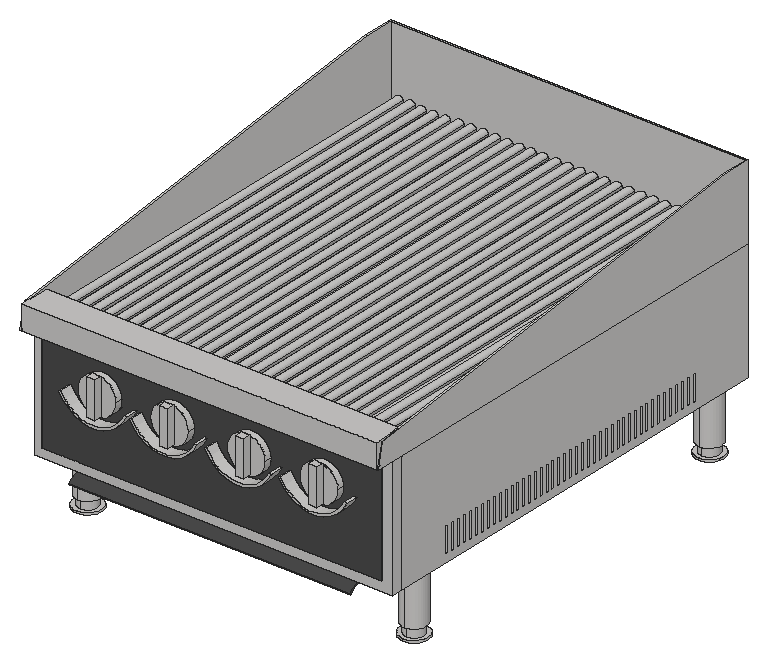
Revit family "QF_Vollrath_924CG", category Specialty Equipment, Revit 2016
Family settings
  Part Type = Normal
  Round Connector Dimension = Use Diameter
  OmniClass Number = 23.40.40.14.17.21
  OmniClass Title = Grills
  Work Plane-Based = No
  Always vertical = Yes
  Cut with Voids When Loaded = No
  Shared = No
  Room Calculation Point = No
Parameters (values of type "924CG")
  Width = 24.00"
  Weight in Pounds = 260
  Watermarked By = "http://revitwatermark.com"
  URL Cutsheet = ""
  URL = ""
  Status [instance] = ""
  Specification by User [instance] = ""
  Specification by Manufacturer [instance] = ""
  Serial Number [instance] = ""
  Seismic Rating [instance] = ""
  Revision Code [instance] = ""
  NAFEM Spec ID Number [instance] = ""
  Model = "924CG"
  Mechanical Remarks [instance] = ""
  Mechanical Connection Type [instance] = ""
  Masterspec [instance] = ""
  Manufacturer = "Vollrath"
  Length = 31.00"
  Item Number [instance] = "-"
  Installed By [instance] = ""
  Height AFF [instance] = 36.00"
  Gas Size = 3/4"
  Gas RI Height [instance] = 0.00"
  Gas Input = 80000.0 Btu/h
  Gas Connection Height [instance] = Height AFF + 5.375"  # 41.375"
  Furnished By [instance] = ""
  Foodservice Equipment Identifier [instance] = yes
  Description = "Heavy Duty Charbroiler"
  CSI MasterFormat = "11 44 00"
  Assembly Code = "E1090320"
Reference planes (in)
  plane 1: z = 0
  plane 2 "BOTTOM": z = 36
  plane 3 "LEFT CLEARANCE": x = -30.72076
  plane 4 "RIGHT CLEARANCE": x = 5.27924
  plane 5 "BACK CLEARANCE": y = 6
  plane 6 "FRONT": y = -31
  plane 7 "Top of Legs": z = 40
  plane 8 "LEFT": x = -24.72076
  plane 9 "RIGHT": x = -0.72076
  plane 10 "BACK": y = 0
  plane 11: z = 39.75
  plane 12: z = 39.5
  plane 13: x = -22.40972
  plane 14: x = -18.72076
  plane 15: x = -15.03179
  plane 16: z = 41.5
  plane 17: x = -12.72076
  plane 18: y = -0.125
  plane 19: x = -24.59576
  plane 20: z = 48.06
  plane 21: x = -12.72076
  plane 22 "TOP": z = 53.06
  plane 23: y = -53.12109
  plane 24: x = -3.03179
  plane 25: z = 37.04079
  plane 26: y = 1.5
Forms (in)
  Extrusion 1, solid, material "QF_Finishes_Stainless Steel"
    sketch origin (0, 0, 36) x (0, 1, 0) y (-1, 0, 0)
      loop
        circle (-2, 23.59576) r 0.9375
    from 0 to 0.125
  Extrusion 2, solid, material "QF_Finishes_Stainless Steel"
    sketch origin (0, 0, 36) x (0, 1, 0) y (-1, 0, 0)
      loop
        circle (-2, 23.59576) r 0.625
    from 0.125 to 0.75
  Extrusion 3, solid, material "QF_Finishes_Stainless Steel"
    sketch origin (0, 0, 36) x (0, 1, 0) y (-1, 0, 0)
      loop
        circle (-2, 23.59576) r 0.8125
    from 0.75 to 4
  Extrusion 4, solid, material "QF_Finishes_Stainless Steel"
    sketch origin (33.375, 0, 36) x (0, 1, 0) y (-1, 0, 0)
      loop
        circle (-2, 35.09576) r 0.9375
    from 0 to 0.125
  Extrusion 5, solid, material "QF_Finishes_Stainless Steel"
    sketch origin (33.375, 0, 36) x (0, 1, 0) y (-1, 0, 0)
      loop
        circle (-2, 35.09576) r 0.625
    from 0.125 to 0.75
  Extrusion 6, solid, material "QF_Finishes_Stainless Steel"
    sketch origin (33.375, 0, 36) x (0, 1, 0) y (-1, 0, 0)
      loop
        circle (-2, 35.09576) r 0.8125
    from 0.75 to 4
  Extrusion 7, solid, material "QF_Finishes_Stainless Steel"
    sketch origin (33.375, -25.75, 36) x (0, 1, 0) y (-1, 0, 0)
      loop
        circle (-1, 35.09576) r 0.9375
    from 0 to 0.125
  Extrusion 8, solid, material "QF_Finishes_Stainless Steel"
    sketch origin (33.375, -25.75, 36) x (0, 1, 0) y (-1, 0, 0)
      loop
        circle (-1, 35.09576) r 0.625
    from 0.125 to 0.75
  Extrusion 9, solid, material "QF_Finishes_Stainless Steel"
    sketch origin (33.375, -25.75, 36) x (0, 1, 0) y (-1, 0, 0)
      loop
        circle (-1, 35.09576) r 0.8125
    from 0.75 to 4
  Extrusion 10, solid, material "QF_Finishes_Stainless Steel"
    sketch origin (0, -25.75, 36) x (0, 1, 0) y (-1, 0, 0)
      loop
        circle (-1, 23.59576) r 0.9375
    from 0 to 0.125
  Extrusion 11, solid, material "QF_Finishes_Stainless Steel"
    sketch origin (0, -25.75, 36) x (0, 1, 0) y (-1, 0, 0)
      loop
        circle (-1, 23.59576) r 0.625
    from 0.125 to 0.75
  Extrusion 12, solid, material "QF_Finishes_Stainless Steel"
    sketch origin (0, -25.75, 36) x (0, 1, 0) y (-1, 0, 0)
      loop
        circle (-1, 23.59576) r 0.8125
    from 0.75 to 4
  Extrusion 13, solid, material "QF_Finishes_Stainless Steel"
    sketch origin (0, 0, 36) x (0, 1, 0) y (-1, 0, 0)
      loop
        line (0, 24.72076) -> (-29.04599, 24.72076) -> (-29.04599, 0.72076) -> (0, 0.72076) -> (0, 24.72076)
    from 4 to 12.06
  Extrusion 14, solid, material "QF_Finishes_Black"
    sketch origin (0, 0, 0) x (1, 0, 0) y (0, 0, 1)
      loop
        line (-22.13107, 40) -> (-22.13107, 39.75) -> (-2.97076, 39.75) -> (-2.97076, 40) -> (-22.13107, 40)
    from 20.18353 to 29.04599
  Extrusion 15, solid, material "QF_Finishes_Black"
    sketch origin (0, 0, 0) x (1, 0, 0) y (0, 0, 1)
      loop
        line (-22.13107, 39.75) -> (-22.13107, 39.5) -> (-2.97076, 39.5) -> (-2.97076, 39.75) -> (-22.13107, 39.75)
    from 20.18353 to 29.04599
  Extrusion 16, solid, material "QF_Finishes_Black"
    sketch origin (-24.72076, 0, 0) x (0, 1, 0) y (0, 0, 1)
      loop
        line (-29.04599, 39.75) -> (-29.04599, 39.81748)
        arc (-29.04599, 39.81748) -> (-29.64263, 39.6735) -> (-30.1385, 39.31181) r 1.57025
        line (-30.1385, 39.31181) -> (-30.07487, 39.24818)
        arc (-30.07487, 39.24818) -> (-29.60779, 39.59619) -> (-29.04599, 39.75) r 1.57025
    from 2.58968 to 21.40049
  Extrusion 17, solid, material "QF_Finishes_Clearances", detail levels coarse
    sketch origin (0, 0, 36) x (0, 1, 0) y (-1, 0, 0)
      loop
        line (6, 30.72076) -> (-31, 30.72076) -> (-31, 24.72076) -> (6, 24.72076) -> (6, 30.72076)
    from 0 to 17.06
  Extrusion 18, solid, material "QF_Finishes_Clearances", detail levels coarse
    sketch origin (0, 0, 36) x (0, 1, 0) y (-1, 0, 0)
      loop
        line (6, 0.72076) -> (-31, 0.72076) -> (-31, -5.27924) -> (6, -5.27924) -> (6, 0.72076)
    from 0 to 17.06
  Extrusion 19, solid, material "QF_Finishes_Clearances", detail levels coarse
    sketch origin (0, 0, 36) x (0, 1, 0) y (-1, 0, 0)
      loop
        line (6, 24.72076) -> (0, 24.72076) -> (0, 0.72076) -> (6, 0.72076) -> (6, 24.72076)
    from 0 to 17.06
  Extrusion 20, solid, material "QF_Finishes_Stainless Steel"
    sketch origin (15.31103, 0, 0) x (1, 0, 0) y (0, 0, 1)
      loop
        circle (-21.53179, 41.5) r 0.375
    from -1.5 to 0
  Extrusion 21, solid, material "QF_Finishes_Stainless Steel"
    sketch origin (-36.59576, 0, 0) x (0, 1, 0) y (0, 0, 1)
      loop
        line (-30.61071, 49.60402) -> (-31.00644, 48.06) -> (0, 48.06) -> (0, 53.06) -> (-2.02013, 53.06) -> (-30.61071, 49.60402)
    from 11.875 to 12
  Extrusion 22, solid, material "QF_Finishes_Stainless Steel"
    sketch origin (-24.72076, 0, 0) x (0, 1, 0) y (0, 0, 1)
      loop
        line (-29.04599, 48.06) -> (-29.04599, 49.685) -> (-31, 49.685) -> (-31, 48.06) -> (-29.04599, 48.06)
    from 0.125 to 23.875
  Extrusion 23, solid, material "QF_Finishes_Stainless Steel"
    sketch origin (0, 0, 0) x (1, 0, 0) y (0, 0, 1)
      loop
        line (-24.72076, 48.06) -> (-24.72076, 40) -> (-0.72076, 40) -> (-0.72076, 48.06) -> (-24.72076, 48.06)
      loop
        line (-24.21829, 47.52818) -> (-24.21829, 40.59949) -> (-1.46829, 40.59949) -> (-1.46829, 47.52818) -> (-24.21829, 47.52818)
    from 29.04599 to 29.79599
  Extrusion 24, solid, material "QF_Finishes_Stainless Steel"
    sketch origin (-12.72076, 0, 0) x (0, 1, 0) y (0, 0, 1)
      loop
        line (-30.61026, 49.58067) -> (-31, 48.06) -> (0, 48.06) -> (0, 53.06) -> (-1.85356, 53.06) -> (-30.61026, 49.58067)
    from 11.875 to 12
  Extrusion 25, solid, material "QF_Finishes_Stainless Steel"
    sketch origin (-24.72076, 0, 0) x (0, 1, 0) y (0, 0, 1)
      loop
        line (-0.125, 53.06) -> (-0.125, 48.06) -> (0, 48.06) -> (0, 53.06) -> (-0.125, 53.06)
    from 0 to 24
  Extrusion 26, solid, material "QF_Finishes_Stainless Steel"
    sketch origin (0, 0, -20.49) x (1, 0, 0) y (0, 0, 1)
      loop
        circle (-24.02485, 69.05421) r 0.25
    from 0.125 to 29.04599
  Extrusion 27, solid, material "QF_Finishes_Stainless Steel"
    sketch origin (0.8089, 0, -20.49) x (1, 0, 0) y (0, 0, 1)
      loop
        circle (-24.02485, 69.05421) r 0.25
    from 0.125 to 29.04599
  Extrusion 28, solid, material "QF_Finishes_Stainless Steel"
    sketch origin (1.62977, 0, -20.49) x (1, 0, 0) y (0, 0, 1)
      loop
        circle (-24.02485, 69.05421) r 0.25
    from 0.24473 to 29.04599
  Extrusion 29, solid, material "QF_Finishes_Stainless Steel"
    sketch origin (2.43868, 0, -20.49) x (1, 0, 0) y (0, 0, 1)
      loop
        circle (-24.02485, 69.05421) r 0.25
    from 0.24473 to 29.04599
  Extrusion 30, solid, material "QF_Finishes_Stainless Steel"
    sketch origin (3.25954, 0, -20.49) x (1, 0, 0) y (0, 0, 1)
      loop
        circle (-24.02485, 69.05421) r 0.25
    from 0.24473 to 29.04599
  Extrusion 31, solid, material "QF_Finishes_Stainless Steel"
    sketch origin (4.06845, 0, -20.49) x (1, 0, 0) y (0, 0, 1)
      loop
        circle (-24.02485, 69.05421) r 0.25
    from 0.125 to 29.04599
  Extrusion 32, solid, material "QF_Finishes_Stainless Steel"
    sketch origin (4.88932, 0, -20.49) x (1, 0, 0) y (0, 0, 1)
      loop
        circle (-24.02485, 69.05421) r 0.25
    from 0.125 to 29.04599
  Extrusion 33, solid, material "QF_Finishes_Stainless Steel"
    sketch origin (5.69822, 0, -20.49) x (1, 0, 0) y (0, 0, 1)
      loop
        circle (-24.02485, 69.05421) r 0.25
    from 0.125 to 29.04599
  Extrusion 34, solid, material "QF_Finishes_Stainless Steel"
    sketch origin (6.51909, 0, -20.49) x (1, 0, 0) y (0, 0, 1)
      loop
        circle (-24.02485, 69.05421) r 0.25
    from 0.125 to 29.04599
  Extrusion 35, solid, material "QF_Finishes_Stainless Steel"
    sketch origin (7.32799, 0, -20.49) x (1, 0, 0) y (0, 0, 1)
      loop
        circle (-24.02485, 69.05421) r 0.25
    from 0 to 29.04599
  Extrusion 36, solid, material "QF_Finishes_Stainless Steel"
    sketch origin (8.14886, 0, -20.49) x (1, 0, 0) y (0, 0, 1)
      loop
        circle (-24.02485, 69.05421) r 0.25
    from 0 to 29.04599
  Extrusion 37, solid, material "QF_Finishes_Stainless Steel"
    sketch origin (15.40006, 0, -20.49) x (1, 0, 0) y (0, 0, 1)
      loop
        circle (-30.52485, 69.05421) r 0.25
    from 0 to 29.04599
  Extrusion 38, solid, material "QF_Finishes_Stainless Steel"
    sketch origin (16.22092, 0, -20.49) x (1, 0, 0) y (0, 0, 1)
      loop
        circle (-30.52485, 69.05421) r 0.25
    from 0 to 29.04599
  Extrusion 39, solid, material "QF_Finishes_Stainless Steel"
    sketch origin (17.09276, 0, -20.49) x (1, 0, 0) y (0, 0, 1)
      loop
        circle (-30.52485, 69.05421) r 0.25
    from 0 to 29.04599
  Extrusion 40, solid, material "QF_Finishes_Stainless Steel"
    sketch origin (17.91363, 0, -20.49) x (1, 0, 0) y (0, 0, 1)
      loop
        circle (-30.52485, 69.05421) r 0.25
    from 0 to 29.04599
  Extrusion 41, solid, material "QF_Finishes_Stainless Steel"
    sketch origin (18.72253, 0, -20.49) x (1, 0, 0) y (0, 0, 1)
      loop
        circle (-30.52485, 69.05421) r 0.25
    from 0 to 29.04599
  Extrusion 42, solid, material "QF_Finishes_Stainless Steel"
    sketch origin (19.5434, 0, -20.49) x (1, 0, 0) y (0, 0, 1)
      loop
        circle (-30.52485, 69.05421) r 0.25
    from 0 to 29.04599
  Extrusion 43, solid, material "QF_Finishes_Stainless Steel"
    sketch origin (20.3523, 0, -20.49) x (1, 0, 0) y (0, 0, 1)
      loop
        circle (-30.52485, 69.05421) r 0.25
    from 0 to 29.04599
  Extrusion 44, solid, material "QF_Finishes_Stainless Steel"
    sketch origin (21.17317, 0, -20.49) x (1, 0, 0) y (0, 0, 1)
      loop
        circle (-30.52485, 69.05421) r 0.25
    from 0 to 29.04599
  Extrusion 45, solid, material "QF_Finishes_Stainless Steel"
    sketch origin (21.98208, 0, -20.49) x (1, 0, 0) y (0, 0, 1)
      loop
        circle (-30.52485, 69.05421) r 0.25
    from 0 to 29.04599
  Extrusion 46, solid, material "QF_Finishes_Stainless Steel"
    sketch origin (22.80294, 0, -20.49) x (1, 0, 0) y (0, 0, 1)
      loop
        circle (-30.52485, 69.05421) r 0.25
    from 0 to 29.04599
  Extrusion 47, solid, material "QF_Finishes_Stainless Steel"
    sketch origin (23.61185, 0, -20.49) x (1, 0, 0) y (0, 0, 1)
      loop
        circle (-30.52485, 69.05421) r 0.25
    from 0 to 29.04599
  Extrusion 48, solid, material "QF_Finishes_Stainless Steel"
    sketch origin (24.43272, 0, -20.49) x (1, 0, 0) y (0, 0, 1)
      loop
        circle (-30.52485, 69.05421) r 0.25
    from 0 to 29.04599
  Extrusion 49, solid, material "QF_Finishes_Stainless Steel"
    sketch origin (25.24162, 0, -20.49) x (1, 0, 0) y (0, 0, 1)
      loop
        circle (-30.52485, 69.05421) r 0.25
    from 0 to 29.04599
  Extrusion 50, solid, material "QF_Finishes_Stainless Steel"
    sketch origin (26.06249, 0, -20.49) x (1, 0, 0) y (0, 0, 1)
      loop
        circle (-30.52485, 69.05421) r 0.25
    from 0 to 29.04599
  Extrusion 51, solid, material "QF_Finishes_Stainless Steel"
    sketch origin (32.58158, 0, -20.49) x (1, 0, 0) y (0, 0, 1)
      loop
        circle (-36.02485, 69.05421) r 0.25
    from 0 to 29.04599
  Extrusion 52, solid, material "QF_Finishes_Stainless Steel"
    sketch origin (33.40244, 0, -20.49) x (1, 0, 0) y (0, 0, 1)
      loop
        circle (-36.02485, 69.05421) r 0.25
    from 0 to 29.04599
  Extrusion 53, solid, material "QF_Finishes_Stainless Steel"
    sketch origin (34.21135, 0, -20.49) x (1, 0, 0) y (0, 0, 1)
      loop
        circle (-36.02485, 69.05421) r 0.25
    from 0 to 29.04599
  Extrusion 54, solid, material "QF_Finishes_Black"
    sketch origin (0, 0, 0) x (1, 0, 0) y (0, 0, 1)
      loop
        line (-24.21829, 47.52818) -> (-24.21829, 40.59949) -> (-1.46829, 40.59949) -> (-1.46829, 47.52818) -> (-24.21829, 47.52818)
      loop
        circle (-20.16666, 45.36228) r 1.25
      loop
        circle (-15.29502, 45.36228) r 1.25
      loop
        circle (-10.16666, 45.36228) r 1.25
      loop
        circle (-5.29502, 45.36228) r 1.25
    from 29.04599 to 29.79599
  Extrusion 55, void
    sketch origin (-24.72076, 0, 0) x (0, 1, 0) y (0, 0, 1)
      loop
        line (-25.39258, 42.24738) -> (-25.39258, 40.49738) -> (-25.14258, 40.49738) -> (-25.14258, 42.24738) -> (-25.39258, 42.24738)
      loop
        line (-24.89258, 42.24738) -> (-24.89258, 40.49738) -> (-24.64258, 40.49738) -> (-24.64258, 42.24738) -> (-24.89258, 42.24738)
      loop
        line (-24.39258, 42.24738) -> (-24.39258, 40.49738) -> (-24.14258, 40.49738) -> (-24.14258, 42.24738) -> (-24.39258, 42.24738)
      loop
        line (-23.89258, 42.24738) -> (-23.89258, 40.49738) -> (-23.64258, 40.49738) -> (-23.64258, 42.24738) -> (-23.89258, 42.24738)
      loop
        line (-23.39258, 42.24738) -> (-23.39258, 40.49738) -> (-23.14258, 40.49738) -> (-23.14258, 42.24738) -> (-23.39258, 42.24738)
      loop
        line (-22.89258, 42.24738) -> (-22.89258, 40.49738) -> (-22.64258, 40.49738) -> (-22.64258, 42.24738) -> (-22.89258, 42.24738)
      loop
        line (-22.43353, 42.24738) -> (-22.43353, 40.49738) -> (-22.18353, 40.49738) -> (-22.18353, 42.24738) -> (-22.43353, 42.24738)
      loop
        line (-21.93353, 42.24738) -> (-21.93353, 40.49738) -> (-21.68353, 40.49738) -> (-21.68353, 42.24738) -> (-21.93353, 42.24738)
      loop
        line (-21.43353, 42.24738) -> (-21.43353, 40.49738) -> (-21.18353, 40.49738) -> (-21.18353, 42.24738) -> (-21.43353, 42.24738)
      loop
        line (-20.93353, 42.24738) -> (-20.93353, 40.49738) -> (-20.68353, 40.49738) -> (-20.68353, 42.24738) -> (-20.93353, 42.24738)
      loop
        line (-20.43353, 42.24738) -> (-20.43353, 40.49738) -> (-20.18353, 40.49738) -> (-20.18353, 42.24738) -> (-20.43353, 42.24738)
      loop
        line (-19.93353, 42.24738) -> (-19.93353, 40.49738) -> (-19.68353, 40.49738) -> (-19.68353, 42.24738) -> (-19.93353, 42.24738)
      loop
        line (-19.47447, 42.24738) -> (-19.47447, 40.49738) -> (-19.22447, 40.49738) -> (-19.22447, 42.24738) -> (-19.47447, 42.24738)
      loop
        line (-18.97447, 42.24738) -> (-18.97447, 40.49738) -> (-18.72447, 40.49738) -> (-18.72447, 42.24738) -> (-18.97447, 42.24738)
      loop
        line (-18.47447, 42.24738) -> (-18.47447, 40.49738) -> (-18.22447, 40.49738) -> (-18.22447, 42.24738) -> (-18.47447, 42.24738)
      loop
        line (-17.97447, 42.24738) -> (-17.97447, 40.49738) -> (-17.72447, 40.49738) -> (-17.72447, 42.24738) -> (-17.97447, 42.24738)
      loop
        line (-17.47447, 42.24738) -> (-17.47447, 40.49738) -> (-17.22447, 40.49738) -> (-17.22447, 42.24738) -> (-17.47447, 42.24738)
      loop
        line (-16.97447, 42.24738) -> (-16.97447, 40.49738) -> (-16.72447, 40.49738) -> (-16.72447, 42.24738) -> (-16.97447, 42.24738)
      loop
        line (-16.51542, 42.24738) -> (-16.51542, 40.49738) -> (-16.26542, 40.49738) -> (-16.26542, 42.24738) -> (-16.51542, 42.24738)
      loop
        line (-16.01542, 42.24738) -> (-16.01542, 40.49738) -> (-15.76542, 40.49738) -> (-15.76542, 42.24738) -> (-16.01542, 42.24738)
      loop
        line (-15.51542, 42.24738) -> (-15.51542, 40.49738) -> (-15.26542, 40.49738) -> (-15.26542, 42.24738) -> (-15.51542, 42.24738)
      loop
        line (-15.01542, 42.24738) -> (-15.01542, 40.49738) -> (-14.76542, 40.49738) -> (-14.76542, 42.24738) -> (-15.01542, 42.24738)
      loop
        line (-14.51542, 42.24738) -> (-14.51542, 40.49738) -> (-14.26542, 40.49738) -> (-14.26542, 42.24738) -> (-14.51542, 42.24738)
      loop
        line (-14.01542, 42.24738) -> (-14.01542, 40.49738) -> (-13.76542, 40.49738) -> (-13.76542, 42.24738) -> (-14.01542, 42.24738)
      loop
        line (-13.55636, 42.24738) -> (-13.55636, 40.49738) -> (-13.30636, 40.49738) -> (-13.30636, 42.24738) -> (-13.55636, 42.24738)
      loop
        line (-13.05636, 42.24738) -> (-13.05636, 40.49738) -> (-12.80636, 40.49738) -> (-12.80636, 42.24738) -> (-13.05636, 42.24738)
      loop
        line (-12.55636, 42.24738) -> (-12.55636, 40.49738) -> (-12.30636, 40.49738) -> (-12.30636, 42.24738) -> (-12.55636, 42.24738)
      loop
        line (-12.05636, 42.24738) -> (-12.05636, 40.49738) -> (-11.80636, 40.49738) -> (-11.80636, 42.24738) -> (-12.05636, 42.24738)
      loop
        line (-11.55636, 42.24738) -> (-11.55636, 40.49738) -> (-11.30636, 40.49738) -> (-11.30636, 42.24738) -> (-11.55636, 42.24738)
      loop
        line (-11.05636, 42.24738) -> (-11.05636, 40.49738) -> (-10.80636, 40.49738) -> (-10.80636, 42.24738) -> (-11.05636, 42.24738)
      loop
        line (-10.59731, 42.24738) -> (-10.59731, 40.49738) -> (-10.34731, 40.49738) -> (-10.34731, 42.24738) -> (-10.59731, 42.24738)
      loop
        line (-10.09731, 42.24738) -> (-10.09731, 40.49738) -> (-9.84731, 40.49738) -> (-9.84731, 42.24738) -> (-10.09731, 42.24738)
      loop
        line (-9.59731, 42.24738) -> (-9.59731, 40.49738) -> (-9.34731, 40.49738) -> (-9.34731, 42.24738) -> (-9.59731, 42.24738)
      loop
        line (-9.09731, 42.24738) -> (-9.09731, 40.49738) -> (-8.84731, 40.49738) -> (-8.84731, 42.24738) -> (-9.09731, 42.24738)
      loop
        line (-8.63825, 42.24738) -> (-8.63825, 40.49738) -> (-8.38825, 40.49738) -> (-8.38825, 42.24738) -> (-8.63825, 42.24738)
      loop
        line (-8.13825, 42.24738) -> (-8.13825, 40.49738) -> (-7.88825, 40.49738) -> (-7.88825, 42.24738) -> (-8.13825, 42.24738)
      loop
        line (-7.63825, 42.24738) -> (-7.63825, 40.49738) -> (-7.38825, 40.49738) -> (-7.38825, 42.24738) -> (-7.63825, 42.24738)
      loop
        line (-7.13825, 42.24738) -> (-7.13825, 40.49738) -> (-6.88825, 40.49738) -> (-6.88825, 42.24738) -> (-7.13825, 42.24738)
      loop
        line (-6.63825, 42.24738) -> (-6.63825, 40.49738) -> (-6.38825, 40.49738) -> (-6.38825, 42.24738) -> (-6.63825, 42.24738)
      loop
        line (-6.13825, 42.24738) -> (-6.13825, 40.49738) -> (-5.88825, 40.49738) -> (-5.88825, 42.24738) -> (-6.13825, 42.24738)
      loop
        line (-5.63825, 42.24738) -> (-5.63825, 40.49738) -> (-5.38825, 40.49738) -> (-5.38825, 42.24738) -> (-5.63825, 42.24738)
      loop
        line (-5.13825, 42.24738) -> (-5.13825, 40.49738) -> (-4.88825, 40.49738) -> (-4.88825, 42.24738) -> (-5.13825, 42.24738)
      loop
        line (-4.63825, 42.24738) -> (-4.63825, 40.49738) -> (-4.38825, 40.49738) -> (-4.38825, 42.24738) -> (-4.63825, 42.24738)
    from 23.67052 to 24
  Extrusion 56, void
    sketch origin (-48.47076, 0, 0) x (0, 1, 0) y (0, 0, 1)
      loop
        line (-25.39258, 42.24738) -> (-25.39258, 40.49738) -> (-25.14258, 40.49738) -> (-25.14258, 42.24738) -> (-25.39258, 42.24738)
      loop
        line (-24.89258, 42.24738) -> (-24.89258, 40.49738) -> (-24.64258, 40.49738) -> (-24.64258, 42.24738) -> (-24.89258, 42.24738)
      loop
        line (-24.39258, 42.24738) -> (-24.39258, 40.49738) -> (-24.14258, 40.49738) -> (-24.14258, 42.24738) -> (-24.39258, 42.24738)
      loop
        line (-23.89258, 42.24738) -> (-23.89258, 40.49738) -> (-23.64258, 40.49738) -> (-23.64258, 42.24738) -> (-23.89258, 42.24738)
      loop
        line (-23.39258, 42.24738) -> (-23.39258, 40.49738) -> (-23.14258, 40.49738) -> (-23.14258, 42.24738) -> (-23.39258, 42.24738)
      loop
        line (-22.89258, 42.24738) -> (-22.89258, 40.49738) -> (-22.64258, 40.49738) -> (-22.64258, 42.24738) -> (-22.89258, 42.24738)
      loop
        line (-22.43353, 42.24738) -> (-22.43353, 40.49738) -> (-22.18353, 40.49738) -> (-22.18353, 42.24738) -> (-22.43353, 42.24738)
      loop
        line (-21.93353, 42.24738) -> (-21.93353, 40.49738) -> (-21.68353, 40.49738) -> (-21.68353, 42.24738) -> (-21.93353, 42.24738)
      loop
        line (-21.43353, 42.24738) -> (-21.43353, 40.49738) -> (-21.18353, 40.49738) -> (-21.18353, 42.24738) -> (-21.43353, 42.24738)
      loop
        line (-20.93353, 42.24738) -> (-20.93353, 40.49738) -> (-20.68353, 40.49738) -> (-20.68353, 42.24738) -> (-20.93353, 42.24738)
      loop
        line (-20.43353, 42.24738) -> (-20.43353, 40.49738) -> (-20.18353, 40.49738) -> (-20.18353, 42.24738) -> (-20.43353, 42.24738)
      loop
        line (-19.93353, 42.24738) -> (-19.93353, 40.49738) -> (-19.68353, 40.49738) -> (-19.68353, 42.24738) -> (-19.93353, 42.24738)
      loop
        line (-19.47447, 42.24738) -> (-19.47447, 40.49738) -> (-19.22447, 40.49738) -> (-19.22447, 42.24738) -> (-19.47447, 42.24738)
      loop
        line (-18.97447, 42.24738) -> (-18.97447, 40.49738) -> (-18.72447, 40.49738) -> (-18.72447, 42.24738) -> (-18.97447, 42.24738)
      loop
        line (-18.47447, 42.24738) -> (-18.47447, 40.49738) -> (-18.22447, 40.49738) -> (-18.22447, 42.24738) -> (-18.47447, 42.24738)
      loop
        line (-17.97447, 42.24738) -> (-17.97447, 40.49738) -> (-17.72447, 40.49738) -> (-17.72447, 42.24738) -> (-17.97447, 42.24738)
      loop
        line (-17.47447, 42.24738) -> (-17.47447, 40.49738) -> (-17.22447, 40.49738) -> (-17.22447, 42.24738) -> (-17.47447, 42.24738)
      loop
        line (-16.97447, 42.24738) -> (-16.97447, 40.49738) -> (-16.72447, 40.49738) -> (-16.72447, 42.24738) -> (-16.97447, 42.24738)
      loop
        line (-16.51542, 42.24738) -> (-16.51542, 40.49738) -> (-16.26542, 40.49738) -> (-16.26542, 42.24738) -> (-16.51542, 42.24738)
      loop
        line (-16.01542, 42.24738) -> (-16.01542, 40.49738) -> (-15.76542, 40.49738) -> (-15.76542, 42.24738) -> (-16.01542, 42.24738)
      loop
        line (-15.51542, 42.24738) -> (-15.51542, 40.49738) -> (-15.26542, 40.49738) -> (-15.26542, 42.24738) -> (-15.51542, 42.24738)
      loop
        line (-15.01542, 42.24738) -> (-15.01542, 40.49738) -> (-14.76542, 40.49738) -> (-14.76542, 42.24738) -> (-15.01542, 42.24738)
      loop
        line (-14.51542, 42.24738) -> (-14.51542, 40.49738) -> (-14.26542, 40.49738) -> (-14.26542, 42.24738) -> (-14.51542, 42.24738)
      loop
        line (-14.01542, 42.24738) -> (-14.01542, 40.49738) -> (-13.76542, 40.49738) -> (-13.76542, 42.24738) -> (-14.01542, 42.24738)
      loop
        line (-13.55636, 42.24738) -> (-13.55636, 40.49738) -> (-13.30636, 40.49738) -> (-13.30636, 42.24738) -> (-13.55636, 42.24738)
      loop
        line (-13.05636, 42.24738) -> (-13.05636, 40.49738) -> (-12.80636, 40.49738) -> (-12.80636, 42.24738) -> (-13.05636, 42.24738)
      loop
        line (-12.55636, 42.24738) -> (-12.55636, 40.49738) -> (-12.30636, 40.49738) -> (-12.30636, 42.24738) -> (-12.55636, 42.24738)
      loop
        line (-12.05636, 42.24738) -> (-12.05636, 40.49738) -> (-11.80636, 40.49738) -> (-11.80636, 42.24738) -> (-12.05636, 42.24738)
      loop
        line (-11.55636, 42.24738) -> (-11.55636, 40.49738) -> (-11.30636, 40.49738) -> (-11.30636, 42.24738) -> (-11.55636, 42.24738)
      loop
        line (-11.05636, 42.24738) -> (-11.05636, 40.49738) -> (-10.80636, 40.49738) -> (-10.80636, 42.24738) -> (-11.05636, 42.24738)
      loop
        line (-10.59731, 42.24738) -> (-10.59731, 40.49738) -> (-10.34731, 40.49738) -> (-10.34731, 42.24738) -> (-10.59731, 42.24738)
      loop
        line (-10.13825, 42.24738) -> (-10.13825, 40.49738) -> (-9.88825, 40.49738) -> (-9.88825, 42.24738) -> (-10.13825, 42.24738)
      loop
        line (-9.63825, 42.24738) -> (-9.63825, 40.49738) -> (-9.38825, 40.49738) -> (-9.38825, 42.24738) -> (-9.63825, 42.24738)
      loop
        line (-9.13825, 42.24738) -> (-9.13825, 40.49738) -> (-8.88825, 40.49738) -> (-8.88825, 42.24738) -> (-9.13825, 42.24738)
      loop
        line (-8.63825, 42.24738) -> (-8.63825, 40.49738) -> (-8.38825, 40.49738) -> (-8.38825, 42.24738) -> (-8.63825, 42.24738)
      loop
        line (-8.13825, 42.24738) -> (-8.13825, 40.49738) -> (-7.88825, 40.49738) -> (-7.88825, 42.24738) -> (-8.13825, 42.24738)
      loop
        line (-7.63825, 42.24738) -> (-7.63825, 40.49738) -> (-7.38825, 40.49738) -> (-7.38825, 42.24738) -> (-7.63825, 42.24738)
      loop
        line (-7.1792, 42.24738) -> (-7.1792, 40.49738) -> (-6.9292, 40.49738) -> (-6.9292, 42.24738) -> (-7.1792, 42.24738)
      loop
        line (-6.6792, 42.24738) -> (-6.6792, 40.49738) -> (-6.4292, 40.49738) -> (-6.4292, 42.24738) -> (-6.6792, 42.24738)
      loop
        line (-6.1792, 42.24738) -> (-6.1792, 40.49738) -> (-5.9292, 40.49738) -> (-5.9292, 42.24738) -> (-6.1792, 42.24738)
      loop
        line (-5.6792, 42.24738) -> (-5.6792, 40.49738) -> (-5.4292, 40.49738) -> (-5.4292, 42.24738) -> (-5.6792, 42.24738)
      loop
        line (-5.1792, 42.24738) -> (-5.1792, 40.49738) -> (-4.9292, 40.49738) -> (-4.9292, 42.24738) -> (-5.1792, 42.24738)
      loop
        line (-4.6792, 42.24738) -> (-4.6792, 40.49738) -> (-4.4292, 40.49738) -> (-4.4292, 42.24738) -> (-4.6792, 42.24738)
    from 23.67052 to 24
  Extrusion 57, solid, material "QF_Finishes_Stainless Steel"
    sketch origin (1.62836, -4, 0) x (1, 0, 0) y (0, 0, 1)
      loop
        circle (-21.79502, 45.36228) r 1.25
    from 25.04599 to 26.25
  Extrusion 58, solid, material "QF_Finishes_Stainless Steel"
    sketch origin (1.62836, -4, 0.03961) x (1, 0, 0) y (0, 0, 1)
      loop
        line (-22.10719, 46.57267) -> (-22.10719, 44.14715) -> (-21.55452, 44.14715) -> (-21.55452, 46.57267) -> (-22.10719, 46.57267)
    from 26.25 to 26.75
  Extrusion 59, solid, material "QF_Finishes_Stainless Steel"
    sketch origin (6.5, -4, 0) x (1, 0, 0) y (0, 0, 1)
      loop
        circle (-21.79502, 45.36228) r 1.25
    from 25.04599 to 26.25
  Extrusion 60, solid, material "QF_Finishes_Stainless Steel"
    sketch origin (6.5, -4, 0.03961) x (1, 0, 0) y (0, 0, 1)
      loop
        line (-22.10719, 46.57267) -> (-22.10719, 44.14715) -> (-21.55452, 44.14715) -> (-21.55452, 46.57267) -> (-22.10719, 46.57267)
    from 26.25 to 26.75
  Extrusion 61, solid, material "QF_Finishes_Stainless Steel"
    sketch origin (11.62836, -4, 0) x (1, 0, 0) y (0, 0, 1)
      loop
        circle (-21.79502, 45.36228) r 1.25
    from 25.04599 to 26.25
  Extrusion 62, solid, material "QF_Finishes_Stainless Steel"
    sketch origin (11.62836, -4, 0.03961) x (1, 0, 0) y (0, 0, 1)
      loop
        line (-22.10719, 46.57267) -> (-22.10719, 44.14715) -> (-21.55452, 44.14715) -> (-21.55452, 46.57267) -> (-22.10719, 46.57267)
    from 26.25 to 26.75
  Extrusion 63, solid, material "QF_Finishes_Stainless Steel"
    sketch origin (16.5, -4, 0) x (1, 0, 0) y (0, 0, 1)
      loop
        circle (-21.79502, 45.36228) r 1.25
    from 25.04599 to 26.25
  Extrusion 64, solid, material "QF_Finishes_Stainless Steel"
    sketch origin (16.5, -4, 0.03961) x (1, 0, 0) y (0, 0, 1)
      loop
        line (-22.10719, 46.57267) -> (-22.10719, 44.14715) -> (-21.55452, 44.14715) -> (-21.55452, 46.57267) -> (-22.10719, 46.57267)
    from 26.25 to 26.75
  Extrusion 65, solid, material "QF_Finishes_Stainless Steel", not visible
    sketch origin (0, 0, 0.25) x (1, 0, 0) y (0, 0, 1)
      loop
        circle (-24.02485, 46.05421) r 0.25
    from 0.125 to 25.04599
  Extrusion 66, solid, material "QF_Finishes_Stainless Steel", not visible
    sketch origin (0.8089, 0, 0.25) x (1, 0, 0) y (0, 0, 1)
      loop
        circle (-24.02485, 46.05421) r 0.25
    from 0.125 to 25.04599
  Extrusion 67, solid, material "QF_Finishes_Stainless Steel", not visible
    sketch origin (1.62977, 0, 0.25) x (1, 0, 0) y (0, 0, 1)
      loop
        circle (-24.02485, 46.05421) r 0.25
    from 0.24473 to 25.25
  Extrusion 68, solid, material "QF_Finishes_Stainless Steel", not visible
    sketch origin (2.43868, 0, 0.25) x (1, 0, 0) y (0, 0, 1)
      loop
        circle (-24.02485, 46.05421) r 0.25
    from 0.24473 to 25.04599
  Extrusion 69, solid, material "QF_Finishes_Stainless Steel", not visible
    sketch origin (3.25954, 0, 0.25) x (1, 0, 0) y (0, 0, 1)
      loop
        circle (-24.02485, 46.05421) r 0.25
    from 0.24473 to 25.04599
  Extrusion 70, solid, material "QF_Finishes_Stainless Steel", not visible
    sketch origin (4.06845, 0, 0.25) x (1, 0, 0) y (0, 0, 1)
      loop
        circle (-24.02485, 46.05421) r 0.25
    from 0.125 to 25.75
  Extrusion 71, solid, material "QF_Finishes_Stainless Steel", not visible
    sketch origin (4.88932, 0, 0.25) x (1, 0, 0) y (0, 0, 1)
      loop
        circle (-24.02485, 46.05421) r 0.25
    from 0.125 to 25.04599
  Extrusion 72, solid, material "QF_Finishes_Stainless Steel", not visible
    sketch origin (5.69822, 0, 0.25) x (1, 0, 0) y (0, 0, 1)
      loop
        circle (-24.02485, 46.05421) r 0.25
    from 0.125 to 25.75
  Extrusion 73, solid, material "QF_Finishes_Stainless Steel", not visible
    sketch origin (6.51909, 0, 0.25) x (1, 0, 0) y (0, 0, 1)
      loop
        circle (-24.02485, 46.05421) r 0.25
    from 0.125 to 25.04599
  Extrusion 74, solid, material "QF_Finishes_Stainless Steel", not visible
    sketch origin (7.32799, 0, 0.25) x (1, 0, 0) y (0, 0, 1)
      loop
        circle (-24.02485, 46.05421) r 0.25
    from 0 to 25.04599
  Extrusion 75, solid, material "QF_Finishes_Stainless Steel", not visible
    sketch origin (8.14886, 0, 0.25) x (1, 0, 0) y (0, 0, 1)
      loop
        circle (-24.02485, 46.05421) r 0.25
    from 0 to 25.04599
  Extrusion 76, solid, material "QF_Finishes_Stainless Steel", not visible
    sketch origin (8.95777, 0, 0.25) x (1, 0, 0) y (0, 0, 1)
      loop
        circle (-24.02485, 46.05421) r 0.25
    from 0 to 25.04599
  Extrusion 77, solid, material "QF_Finishes_Stainless Steel", not visible
    sketch origin (9.76477, 0, 0.25) x (1, 0, 0) y (0, 0, 1)
      loop
        circle (-24.02485, 46.05421) r 0.25
    from 0 to 25.04599
  Extrusion 78, solid, material "QF_Finishes_Stainless Steel", not visible
    sketch origin (10.57367, 0, 0.25) x (1, 0, 0) y (0, 0, 1)
      loop
        circle (-24.02485, 46.05421) r 0.25
    from 0 to 25.04599
  Extrusion 79, solid, material "QF_Finishes_Stainless Steel", not visible
    sketch origin (11.39454, 0, 0.25) x (1, 0, 0) y (0, 0, 1)
      loop
        circle (-24.02485, 46.05421) r 0.25
    from 0 to 25.04599
  Extrusion 80, solid, material "QF_Finishes_Stainless Steel", not visible
    sketch origin (12.26638, 0, 0.25) x (1, 0, 0) y (0, 0, 1)
      loop
        circle (-24.02485, 46.05421) r 0.25
    from 0 to 25.04599
  Extrusion 81, solid, material "QF_Finishes_Stainless Steel", not visible
    sketch origin (13.08724, 0, 0.25) x (1, 0, 0) y (0, 0, 1)
      loop
        circle (-24.02485, 46.05421) r 0.25
    from 0 to 25.04599
  Extrusion 82, solid, material "QF_Finishes_Stainless Steel", not visible
    sketch origin (13.89615, 0, 0.25) x (1, 0, 0) y (0, 0, 1)
      loop
        circle (-24.02485, 46.05421) r 0.25
    from 0 to 25.04599
  Extrusion 83, solid, material "QF_Finishes_Stainless Steel", not visible
    sketch origin (15.40006, 0, 0.25) x (1, 0, 0) y (0, 0, 1)
      loop
        circle (-30.52485, 46.05421) r 0.25
    from 0 to 25.04599
  Extrusion 84, solid, material "QF_Finishes_Stainless Steel", not visible
    sketch origin (16.22092, 0, 0.25) x (1, 0, 0) y (0, 0, 1)
      loop
        circle (-30.52485, 46.05421) r 0.25
    from 0 to 25.25
  Extrusion 85, solid, material "QF_Finishes_Stainless Steel", not visible
    sketch origin (17.09276, 0, 0.25) x (1, 0, 0) y (0, 0, 1)
      loop
        circle (-30.52485, 46.05421) r 0.25
    from 0 to 25.04599
  Extrusion 86, solid, material "QF_Finishes_Stainless Steel", not visible
    sketch origin (17.91363, 0, 0.25) x (1, 0, 0) y (0, 0, 1)
      loop
        circle (-30.52485, 46.05421) r 0.25
    from 0 to 25.04599
  Extrusion 87, solid, material "QF_Finishes_Stainless Steel", not visible
    sketch origin (18.72253, 0, 0.25) x (1, 0, 0) y (0, 0, 1)
      loop
        circle (-30.52485, 46.05421) r 0.25
    from 0 to 25.04599
  Extrusion 88, solid, material "QF_Finishes_Stainless Steel", not visible
    sketch origin (19.5434, 0, 0.25) x (1, 0, 0) y (0, 0, 1)
      loop
        circle (-30.52485, 46.05421) r 0.25
    from 0 to 25.04599
  Extrusion 89, solid, material "QF_Finishes_Stainless Steel", not visible
    sketch origin (20.3523, 0, 0.25) x (1, 0, 0) y (0, 0, 1)
      loop
        circle (-30.52485, 46.05421) r 0.25
    from 0 to 25.04599
  Extrusion 90, solid, material "QF_Finishes_Stainless Steel", not visible
    sketch origin (21.17317, 0, 0.25) x (1, 0, 0) y (0, 0, 1)
      loop
        circle (-30.52485, 46.05421) r 0.25
    from 0 to 25.04599
  Extrusion 91, solid, material "QF_Finishes_Stainless Steel", not visible
    sketch origin (21.98208, 0, 0.25) x (1, 0, 0) y (0, 0, 1)
      loop
        circle (-30.52485, 46.05421) r 0.25
    from 0 to 25.04599
  Extrusion 92, solid, material "QF_Finishes_Stainless Steel", not visible
    sketch origin (22.80294, 0, 0.25) x (1, 0, 0) y (0, 0, 1)
      loop
        circle (-30.52485, 46.05421) r 0.25
    from 0 to 25.25
  Extrusion 93, solid, material "QF_Finishes_Stainless Steel", not visible
    sketch origin (23.61185, 0, 0.25) x (1, 0, 0) y (0, 0, 1)
      loop
        circle (-30.52485, 46.05421) r 0.25
    from 0 to 25.04599
  Extrusion 94, solid, material "QF_Finishes_Stainless Steel", not visible
    sketch origin (24.43272, 0, 0.25) x (1, 0, 0) y (0, 0, 1)
      loop
        circle (-30.52485, 46.05421) r 0.25
    from 0 to 25.04599
  Extrusion 95, solid, material "QF_Finishes_Stainless Steel", not visible
    sketch origin (25.24162, 0, 0.25) x (1, 0, 0) y (0, 0, 1)
      loop
        circle (-30.52485, 46.05421) r 0.25
    from 0 to 25.75
  Extrusion 96, solid, material "QF_Finishes_Stainless Steel", not visible
    sketch origin (26.06249, 0, 0.25) x (1, 0, 0) y (0, 0, 1)
      loop
        circle (-30.52485, 46.05421) r 0.25
    from 0 to 25.04599
  Extrusion 97, solid, material "QF_Finishes_Stainless Steel", not visible
    sketch origin (32.58158, 0, 0.25) x (1, 0, 0) y (0, 0, 1)
      loop
        circle (-36.02485, 46.05421) r 0.25
    from 0 to 25.04599
  Extrusion 98, solid, material "QF_Finishes_Stainless Steel", not visible
    sketch origin (33.40244, 0, 0.25) x (1, 0, 0) y (0, 0, 1)
      loop
        circle (-36.02485, 46.05421) r 0.25
    from 0 to 25.04599
  Extrusion 99, solid, material "QF_Finishes_Stainless Steel", not visible
    sketch origin (34.21135, 0, 0.25) x (1, 0, 0) y (0, 0, 1)
      loop
        circle (-36.02485, 46.05421) r 0.25
    from 0 to 25.75
  Sweep 100, solid, material "QF_Finishes_Stainless Steel"
    path origin (0, -30.63083, 0) x (1, 0, 0) y (0, 0, 1)
      loop
        arc (-22.40972, 45.02818) -> (-20.15972, 43.59334) -> (-17.90972, 45.02818) r 2.48155
    profile origin (-20.15972, -30.63083, 43.59334) x (0, 0, 1) y (0, -1, 0)
      loop
        line (0, 0) -> (0, -0.83484) -> (0.14592, -0.83484) -> (0.14592, 0) -> (0, 0)
  Sweep 101, solid, material "QF_Finishes_Stainless Steel"
    path origin (4.75, -30.63083, 0) x (1, 0, 0) y (0, 0, 1)
      loop
        arc (-22.40972, 45.02818) -> (-20.15972, 43.59334) -> (-17.90972, 45.02818) r 2.48155
    profile origin (-15.40972, -30.63083, 43.59334) x (0, 0, 1) y (0, -1, 0)
      loop
        line (0, 0) -> (0, -0.83484) -> (0.14592, -0.83484) -> (0.14592, 0) -> (0, 0)
  Sweep 102, solid, material "QF_Finishes_Stainless Steel"
    path origin (9.75, -30.63083, 0) x (1, 0, 0) y (0, 0, 1)
      loop
        arc (-22.40972, 45.02818) -> (-20.15972, 43.59334) -> (-17.90972, 45.02818) r 2.48155
    profile origin (-10.40972, -30.63083, 43.59334) x (0, 0, 1) y (0, -1, 0)
      loop
        line (0, 0) -> (0, -0.83484) -> (0.14592, -0.83484) -> (0.14592, 0) -> (0, 0)
  Sweep 103, solid, material "QF_Finishes_Stainless Steel"
    path origin (14.75, -30.63083, 0) x (1, 0, 0) y (0, 0, 1)
      loop
        arc (-22.40972, 45.02818) -> (-20.15972, 43.59334) -> (-17.90972, 45.02818) r 2.48155
    profile origin (-5.40972, -30.63083, 43.59334) x (0, 0, 1) y (0, -1, 0)
      loop
        line (0, 0) -> (0, -0.83484) -> (0.14592, -0.83484) -> (0.14592, 0) -> (0, 0)
Cuts and joins
  Extrusion 55, Extrusion 56 cuts Extrusion 13
  Extrusion 55 cuts Extrusion 17
  Extrusion 56 cuts Extrusion 18
Lines and regions (in)
  symbolic lines, style "QF_Clearances", detail levels coarse
    curve 1: line (-30.72076, -31, 36) -> (-30.72076, 6, 36)
    curve 2: line (-30.72076, 6, 36) -> (-24.72076, 6, 36)
    curve 3: line (-24.72076, 6, 36) -> (-0.72076, 6, 36)
    curve 4: line (-0.72076, 6, 36) -> (5.27924, 6, 36)
    curve 5: line (5.27924, 6, 36) -> (5.27924, -31, 36)
  symbolic lines
    curve 6: line (-24.72076, 0, 36) -> (-0.72076, 0, 36)
    curve 7: line (-0.72076, 0, 36) -> (-0.72076, -31, 36)
    curve 8: line (-0.72076, -31, 36) -> (-24.72076, -31, 36)
    curve 9: line (-24.72076, -31, 36) -> (-24.72076, 0, 36)
    curve 10: line (-24.72076, -29.04599, 36) -> (-0.72076, -29.04599, 36)
    curve 11: line (-23.77157, -29.04599, 36) -> (-23.77157, 0, 36)
    curve 12: line (-21.87648, -29.04599, 36) -> (-21.87648, 0, 36)
    curve 13: line (-19.81612, -29.04599, 36) -> (-19.81612, 0, 36)
    curve 14: line (-17.77157, -29.04599, 36) -> (-17.77157, 0, 36)
    curve 15: line (-15.84583, -29.04599, 36) -> (-15.84583, 0, 36)
    curve 16: line (-13.95074, -29.04599, 36) -> (-13.95074, 0, 36)
    curve 17: line (-11.89038, -29.04599, 36) -> (-11.89038, 0, 36)
    curve 18: line (-9.84583, -29.04599, 36) -> (-9.84583, 0, 36)
    curve 19: line (-7.84359, -29.04599, 36) -> (-7.84359, 0, 36)
    curve 20: line (-5.9485, -29.04599, 36) -> (-5.9485, 0, 36)
    curve 21: line (-3.88814, -29.04599, 36) -> (-3.88814, 0, 36)
    curve 22: line (-1.84359, -29.04599, 36) -> (-1.84359, 0, 36)
    curve 23: line (-0.8786, -29.04599, 36) -> (-0.8786, 0, 36)
  symbolic lines, style "QF_Clearances", detail levels coarse+fine
    curve 24: line (-3.03179, -31, 36) -> (-3.03179, -53.12109, 36)
    curve 25: line (-3.03179, -53.12109, 36) -> (-22.40972, -53.12109, 36)
    curve 26: line (-22.40972, -53.12109, 36) -> (-22.40972, -31, 36)
Dimensions and locks (in)
  "Height AFF": plane 2 "BOTTOM" to level
  plane 3 "LEFT CLEARANCE" to plane 8 "LEFT" = 6.00"
  locked: plane 9 "RIGHT" to plane 4 "RIGHT CLEARANCE" at 6
  plane 5 "BACK CLEARANCE" to plane 10 "BACK" = 6.00"
  "Length": plane 10 "BACK" to plane 6 "FRONT"
  "Width": plane 8 "LEFT" to plane 9 "RIGHT"
  locked: Extrusion 20 sketch curve to plane 7 "Top of Legs" at 1.5
  locked: plane 7 "Top of Legs" to plane 2 "BOTTOM" at 4
  locked: plane 11 to plane 12 at 0.25
  locked: plane 7 "Top of Legs" to plane 11 at 0.25
  plane 16 to plane 7 "Top of Legs" = 1.50"
  Extrusion 21 to Extrusion 17 = 6.125"
  locked: plane 20 to plane 7 "Top of Legs" at 8.06
  locked: Extrusion 26 to plane 20 at 0.25421
  locked: plane 22 "TOP" to Extrusion 26 sketch curve at 4.49579
  plane 22 "TOP" to plane 20 = 5.00"
  locked: plane 22 "TOP" to Sweep 100 sketch curve at 9.32074
  aligned and locked: level to plane 1
  aligned and locked: Extrusion 17 to Extrusion 21
  aligned: Extrusion 17 to Extrusion 18
  aligned and locked: Extrusion 17 to Extrusion 19
  aligned and locked: Extrusion 17 to Extrusion 24
  aligned and locked: plane 22 "TOP" to Extrusion 17
  aligned and locked: Extrusion 13 to Extrusion 21
  aligned and locked: Extrusion 13 to Extrusion 22
  aligned and locked: Extrusion 18 to Extrusion 19
Automatic sketch dimensions
  Extrusion 1 sketch curve to plane 18 = 1.875"
  plane 19 to Extrusion 1 sketch curve = 1.00"
  Extrusion 2 sketch curve to plane 18 = 1.875"
  plane 19 to Extrusion 2 sketch curve = 1.00"
  Extrusion 3 sketch curve to plane 18 = 1.875"
  plane 19 to Extrusion 3 sketch curve = 1.00"
  Extrusion 4 sketch curve to plane 18 = 1.875"
  plane 9 "RIGHT" to Extrusion 4 sketch curve = 1.00"
  Extrusion 5 sketch curve to plane 18 = 1.875"
  plane 9 "RIGHT" to Extrusion 5 sketch curve = 1.00"
  Extrusion 6 sketch curve to plane 18 = 1.875"
  plane 9 "RIGHT" to Extrusion 6 sketch curve = 1.00"
  plane 9 "RIGHT" to Extrusion 7 sketch curve = 1.00"
  plane 6 "FRONT" to Extrusion 7 sketch curve = 4.25"
  plane 9 "RIGHT" to Extrusion 8 sketch curve = 1.00"
  plane 6 "FRONT" to Extrusion 8 sketch curve = 4.25"
  plane 9 "RIGHT" to Extrusion 9 sketch curve = 1.00"
  plane 6 "FRONT" to Extrusion 9 sketch curve = 4.25"
  plane 19 to Extrusion 10 sketch curve = 1.00"
  plane 6 "FRONT" to Extrusion 10 sketch curve = 4.25"
  plane 19 to Extrusion 11 sketch curve = 1.00"
  plane 6 "FRONT" to Extrusion 11 sketch curve = 4.25"
  plane 19 to Extrusion 12 sketch curve = 1.00"
  plane 6 "FRONT" to Extrusion 12 sketch curve = 4.25"
  curve 26 to plane 13 = 0.00"
  curve 26 to plane 23 = 0.00"
  curve 1 to plane 3 "LEFT CLEARANCE" = 0.00"
  curve 1 to plane 6 "FRONT" = 0.00"
  curve 24 to plane 6 "FRONT" = 0.00"
  curve 5 to plane 4 "RIGHT CLEARANCE" = 0.00"
  curve 5 to plane 6 "FRONT" = 0.00"
  curve 10 to plane 8 "LEFT" = 0.00"
  curve 10 to plane 9 "RIGHT" = 0.00"
  curve 22 to plane 10 "BACK" = 0.00"
  curve 4 to plane 5 "BACK CLEARANCE" = 0.00"
  curve 4 to plane 9 "RIGHT" = 0.00"
  curve 24 to plane 24 = 0.00"
  curve 3 to plane 8 "LEFT" = 0.00"
  curve 6 to curve 23 = 0.15784"
  curve 23 to curve 22 = 0.96499"
  curve 21 to plane 24 = 0.85635"
  curve 17 to plane 17 = 0.83037"
  curve 15 to plane 15 = 0.81404"
  curve 14 to plane 14 = 0.94919"
  curve 12 to plane 13 = 0.53325"
  plane 19 to curve 11 = 0.82419"
  Extrusion 13 sketch curve to plane 8 "LEFT" = 0.00"
  Extrusion 13 sketch curve to plane 9 "RIGHT" = 0.00"
  Extrusion 13 sketch curve to plane 10 "BACK" = 0.00"
  plane 6 "FRONT" to Extrusion 13 sketch curve = 1.95401"
  Extrusion 14 sketch curve to plane 11 = 0.00"
  Extrusion 14 sketch curve to plane 7 "Top of Legs" = 0.00"
  Extrusion 14 sketch curve to plane 13 = 0.27865"
  plane 24 to Extrusion 14 sketch curve = 0.06103"
  Extrusion 15 sketch curve to plane 12 = 0.00"
  Extrusion 15 sketch curve to plane 11 = 0.00"
  Extrusion 15 sketch curve to plane 13 = 0.27865"
  plane 24 to Extrusion 15 sketch curve = 0.06103"
  Extrusion 16 sketch curve to plane 11 = 0.00"
  Extrusion 16 sketch curve to plane 12 = 0.18819"
  plane 6 "FRONT" to Extrusion 16 sketch curve = 0.8615"
  Extrusion 16 sketch curve to plane 12 = 0.25182"
  Extrusion 16 sketch curve to Extrusion 16 sketch curve = 0.06363"  (x2)
  plane 11 to Extrusion 16 sketch curve = 0.06748"
  Extrusion 16 sketch curve to Extrusion 16 sketch curve = 1.02888"
  Extrusion 16 sketch curve to plane 12 = 1.25151"
  Extrusion 17 sketch curve to plane 3 "LEFT CLEARANCE" = 0.00"
  Extrusion 17 sketch curve to plane 6 "FRONT" = 0.00"
  Extrusion 17 sketch curve to plane 5 "BACK CLEARANCE" = 0.00"
  Extrusion 17 sketch curve to plane 8 "LEFT" = 0.00"
  Extrusion 18 sketch curve to plane 6 "FRONT" = 0.00"
  Extrusion 18 sketch curve to plane 5 "BACK CLEARANCE" = 0.00"
  Extrusion 18 sketch curve to plane 4 "RIGHT CLEARANCE" = 0.00"
  Extrusion 18 sketch curve to plane 9 "RIGHT" = 0.00"
  Extrusion 19 sketch curve to plane 8 "LEFT" = 0.00"
  Extrusion 19 sketch curve to plane 10 "BACK" = 0.00"
  Extrusion 19 sketch curve to plane 5 "BACK CLEARANCE" = 0.00"
  Extrusion 19 sketch curve to plane 9 "RIGHT" = 0.00"
  Extrusion 20 sketch curve to plane 24 = 3.18897"
  Extrusion 21 sketch curve to plane 20 = 0.00"
  Extrusion 21 sketch curve to plane 22 "TOP" = 0.00"
  Extrusion 21 sketch curve to plane 10 "BACK" = 0.00"
  Extrusion 21 sketch curve to plane 18 = 1.89513"
  plane 6 "FRONT" to Extrusion 21 sketch curve = 0.38929"
  Extrusion 21 sketch curve to plane 6 "FRONT" = 0.00644"
  plane 20 to Extrusion 21 sketch curve = 1.54402"
  Extrusion 22 sketch curve to plane 6 "FRONT" = 0.00"
  Extrusion 22 sketch curve to plane 20 = 0.00"
  plane 6 "FRONT" to Extrusion 22 sketch curve = 1.95401"
  plane 20 to Extrusion 22 sketch curve = 1.625"
  Extrusion 23 sketch curve to plane 7 "Top of Legs" = 0.00"
  Extrusion 23 sketch curve to plane 8 "LEFT" = 0.00"
  plane 9 "RIGHT" to Extrusion 23 sketch curve = 0.00"
  Extrusion 23 sketch curve to plane 20 = 0.00"
  plane 19 to Extrusion 23 sketch curve = 0.37747"
  plane 9 "RIGHT" to Extrusion 23 sketch curve = 0.74753"
  plane 7 "Top of Legs" to Extrusion 23 sketch curve = 0.59949"
  Extrusion 23 sketch curve to plane 20 = 0.53182"
  Extrusion 24 sketch curve to plane 6 "FRONT" = 0.00"
  Extrusion 24 sketch curve to plane 22 "TOP" = 0.00"
  Extrusion 24 sketch curve to plane 10 "BACK" = 0.00"
  Extrusion 24 sketch curve to plane 20 = 0.00"
  plane 6 "FRONT" to Extrusion 24 sketch curve = 0.38974"
  Extrusion 24 sketch curve to plane 18 = 1.72856"
  plane 20 to Extrusion 24 sketch curve = 1.52067"
  Extrusion 25 sketch curve to plane 18 = 0.00"
  Extrusion 25 sketch curve to plane 10 "BACK" = 0.00"
  Extrusion 25 sketch curve to plane 20 = 0.00"
  Extrusion 25 sketch curve to plane 22 "TOP" = 0.00"
  plane 19 to Extrusion 26 sketch curve = 0.5709"
  plane 13 to Extrusion 27 sketch curve = 0.80622"
  plane 20 to Extrusion 27 sketch curve = 0.50421"
  Extrusion 28 sketch curve to plane 13 = 0.01464"
  plane 20 to Extrusion 28 sketch curve = 0.50421"
  Extrusion 29 sketch curve to plane 13 = 0.82355"
  plane 20 to Extrusion 29 sketch curve = 0.50421"
  plane 20 to Extrusion 30 sketch curve = 0.50421"
  Extrusion 30 sketch curve to plane 13 = 1.64442"
  plane 20 to Extrusion 31 sketch curve = 0.50421"
  plane 14 to Extrusion 31 sketch curve = 1.23565"
  plane 14 to Extrusion 32 sketch curve = 0.41478"
  plane 20 to Extrusion 32 sketch curve = 0.50421"
  Extrusion 33 sketch curve to plane 14 = 0.39412"
  plane 20 to Extrusion 33 sketch curve = 0.50421"
  plane 20 to Extrusion 34 sketch curve = 0.50421"
  Extrusion 34 sketch curve to plane 14 = 1.21499"
  plane 20 to Extrusion 35 sketch curve = 0.50421"
  Extrusion 35 sketch curve to plane 15 = 1.66507"
  Extrusion 36 sketch curve to plane 15 = 0.8442"
  plane 20 to Extrusion 36 sketch curve = 0.50421"
  Extrusion 37 sketch curve to plane 15 = 0.09301"
  plane 20 to Extrusion 37 sketch curve = 0.50421"
  plane 15 to Extrusion 38 sketch curve = 0.72786"
  plane 20 to Extrusion 38 sketch curve = 0.50421"
  plane 17 to Extrusion 39 sketch curve = 0.71134"
  plane 20 to Extrusion 39 sketch curve = 0.50421"
  Extrusion 40 sketch curve to plane 17 = 0.10953"
  plane 20 to Extrusion 40 sketch curve = 0.50421"
  Extrusion 41 sketch curve to plane 17 = 0.91844"
  plane 20 to Extrusion 41 sketch curve = 0.50421"
  plane 20 to Extrusion 42 sketch curve = 0.50421"
  Extrusion 42 sketch curve to plane 17 = 1.7393"
  plane 20 to Extrusion 43 sketch curve = 0.50421"
  Extrusion 43 sketch curve to plane 17 = 2.54821"
  plane 20 to Extrusion 44 sketch curve = 0.50421"
  Extrusion 44 sketch curve to plane 17 = 3.36907"
  plane 20 to Extrusion 45 sketch curve = 0.50421"
  Extrusion 45 sketch curve to plane 17 = 4.17798"
  plane 20 to Extrusion 46 sketch curve = 0.50421"
  Extrusion 46 sketch curve to plane 24 = 4.69012"
  plane 20 to Extrusion 47 sketch curve = 0.50421"
  Extrusion 47 sketch curve to plane 24 = 3.88122"
  plane 20 to Extrusion 48 sketch curve = 0.50421"
  Extrusion 48 sketch curve to plane 24 = 3.06035"
  plane 20 to Extrusion 49 sketch curve = 0.50421"
  Extrusion 49 sketch curve to plane 24 = 2.25144"
  plane 20 to Extrusion 50 sketch curve = 0.50421"
  Extrusion 50 sketch curve to plane 24 = 1.43058"
  Extrusion 51 sketch curve to plane 24 = 0.41149"
  plane 20 to Extrusion 51 sketch curve = 0.50421"
  plane 24 to Extrusion 52 sketch curve = 0.40938"
  plane 20 to Extrusion 52 sketch curve = 0.50421"
  plane 20 to Extrusion 53 sketch curve = 0.50421"
  plane 9 "RIGHT" to Extrusion 53 sketch curve = 1.09275"
  Extrusion 54 sketch curve to Extrusion 54 sketch curve = 0.00"  (x8)
  plane 19 to Extrusion 54 sketch curve = 0.37747"
  Extrusion 54 sketch curve to plane 13 = 0.99306"
  Extrusion 54 sketch curve to Extrusion 54 sketch curve = 1.25"  (x3)
  Extrusion 54 sketch curve to plane 15 = 1.51323"
  Extrusion 54 sketch curve to plane 15 = 0.26323"
  Extrusion 54 sketch curve to plane 17 = 1.3041"
  Extrusion 54 sketch curve to Extrusion 54 sketch curve = 2.37164"
  plane 9 "RIGHT" to Extrusion 54 sketch curve = 0.74753"
  plane 7 "Top of Legs" to Extrusion 54 sketch curve = 0.59949"
  Extrusion 54 sketch curve to plane 20 = 2.69772"  (x4)
  Extrusion 54 sketch curve to plane 20 = 0.53182"
  plane 7 "Top of Legs" to Extrusion 55 sketch curve = 0.49738"  (x3)
  plane 6 "FRONT" to Extrusion 55 sketch curve = 5.60742"
  Extrusion 55 sketch curve to Extrusion 55 sketch curve = 0.25"  (x79)
  Extrusion 55 sketch curve to Extrusion 55 sketch curve = 0.20905"  (x6)
  Extrusion 55 sketch curve to Extrusion 55 sketch curve = 0.00"  (x82)
  plane 16 to Extrusion 55 sketch curve = 0.74738"
  plane 7 "Top of Legs" to Extrusion 56 sketch curve = 0.49738"  (x3)
  plane 6 "FRONT" to Extrusion 56 sketch curve = 5.60742"
  Extrusion 56 sketch curve to Extrusion 56 sketch curve = 0.25"  (x78)
  Extrusion 56 sketch curve to Extrusion 56 sketch curve = 0.20905"  (x7)
  Extrusion 56 sketch curve to Extrusion 56 sketch curve = 0.00"  (x82)
  plane 16 to Extrusion 56 sketch curve = 0.74738"
  Extrusion 57 sketch curve to Extrusion 57 sketch curve = 0.00"  (x2)
  Extrusion 57 sketch curve to plane 13 = 0.99306"
  Extrusion 57 sketch curve to Extrusion 57 sketch curve = 1.25"
  Extrusion 57 sketch curve to plane 20 = 2.69772"
  plane 14 to Extrusion 58 sketch curve = 1.75808"
  Extrusion 58 sketch curve to Extrusion 58 sketch curve = 0.55267"
  plane 16 to Extrusion 58 sketch curve = 2.68676"
  Extrusion 58 sketch curve to plane 20 = 1.44772"
  Extrusion 59 sketch curve to Extrusion 59 sketch curve = 0.00"  (x2)
  Extrusion 59 sketch curve to plane 15 = 1.51323"
  Extrusion 59 sketch curve to plane 15 = 0.26323"
  Extrusion 59 sketch curve to plane 20 = 2.69772"
  Extrusion 60 sketch curve to plane 15 = 0.5754"
  Extrusion 60 sketch curve to plane 15 = 0.02273"
  plane 16 to Extrusion 60 sketch curve = 2.68676"
  Extrusion 60 sketch curve to plane 20 = 1.44772"
  Extrusion 61 sketch curve to Extrusion 61 sketch curve = 0.00"  (x2)
  Extrusion 61 sketch curve to plane 17 = 1.3041"
  Extrusion 61 sketch curve to Extrusion 61 sketch curve = 1.25"
  Extrusion 61 sketch curve to plane 20 = 2.69772"
  Extrusion 62 sketch curve to plane 17 = 2.24192"
  Extrusion 62 sketch curve to Extrusion 62 sketch curve = 0.55267"
  plane 16 to Extrusion 62 sketch curve = 2.68676"
  Extrusion 62 sketch curve to plane 20 = 1.44772"
  Extrusion 63 sketch curve to Extrusion 63 sketch curve = 0.00"  (x2)
  Extrusion 63 sketch curve to plane 24 = 3.51323"
  Extrusion 63 sketch curve to Extrusion 63 sketch curve = 1.25"
  Extrusion 63 sketch curve to plane 20 = 2.69772"
  Extrusion 64 sketch curve to plane 24 = 2.5754"
  Extrusion 64 sketch curve to Extrusion 64 sketch curve = 0.55267"
  plane 16 to Extrusion 64 sketch curve = 2.68676"
  Extrusion 64 sketch curve to plane 20 = 1.44772"
  plane 13 to Sweep 100 sketch curve = 0.00"
  plane 14 to Sweep 100 sketch curve = 1.43897"
  Sweep 100 sketch curve to plane 14 = 0.81103"
  Sweep 100 sketch curve to plane 20 = 3.03182"
  Sweep 100 sketch curve to plane 20 = 1.98511"
  profile plane to Sweep 100 sketch curve = 0.00"
  Sweep 100 sketch curve to profile plane = 0.00"
  Sweep 100 sketch curve to Sweep 100 sketch curve = 0.83484"
  Sweep 101 sketch curve to plane 14 = 1.06103"
  Sweep 101 sketch curve to plane 15 = 0.37794"
  plane 17 to Sweep 101 sketch curve = 0.43897"
  Sweep 101 sketch curve to plane 20 = 3.03182"
  Sweep 101 sketch curve to plane 20 = 1.98511"
  profile plane to Sweep 101 sketch curve = 0.00"
  Sweep 101 sketch curve to profile plane = 0.00"
  Sweep 101 sketch curve to profile plane = 0.14592"
  Sweep 101 sketch curve to Sweep 101 sketch curve = 0.83484"
  Sweep 102 sketch curve to plane 17 = 0.06103"
  Sweep 102 sketch curve to plane 17 = 2.31103"
  Sweep 102 sketch curve to Sweep 102 sketch curve = 2.25"
  Sweep 102 sketch curve to plane 20 = 3.03182"
  Sweep 102 sketch curve to plane 20 = 1.98511"
  profile plane to Sweep 102 sketch curve = 0.00"
  Sweep 102 sketch curve to profile plane = 0.00"
  Sweep 102 sketch curve to profile plane = 0.14592"
  Sweep 102 sketch curve to Sweep 102 sketch curve = 0.83484"
  Sweep 103 sketch curve to plane 24 = 4.62794"
  Sweep 103 sketch curve to plane 24 = 2.37794"
  Sweep 103 sketch curve to plane 24 = 0.12794"
  Sweep 103 sketch curve to plane 20 = 3.03182"
  Sweep 103 sketch curve to plane 20 = 1.98511"
  profile plane to Sweep 103 sketch curve = 0.00"
  Sweep 103 sketch curve to profile plane = 0.00"
  Sweep 103 sketch curve to profile plane = 0.14592"
  Sweep 103 sketch curve to Sweep 103 sketch curve = 0.83484"
  plane 6 "FRONT" to curve 17 = 1.95401"
  curve 21 to curve 20 = 2.06036"
  curve 20 to curve 19 = 1.89509"
